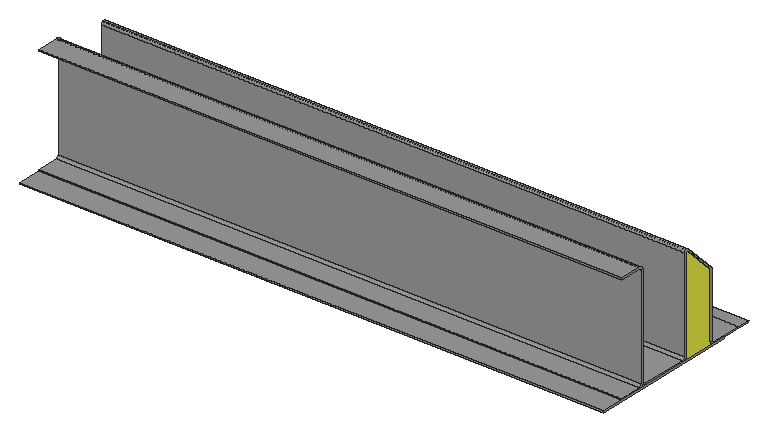
Revit family "SK 70 215 WIL", category Generic Models, Revit 2014
Parameters (values of type "Max lintel length 4000mm")
  URL = "http://www.keystonelintels.co.uk"
  Structural Opening [instance] = 900 mm
  Structural Performance = "The Keystone lintel range has safe working loads as detailed in each applicable loading table in the Keystone Lintel Guide brochure. The structural performance figures within each table have been ascertained by testing in accordance with the requirements of standards BS EN 5977-2: 1983 and BS EN 845-2: 2003."
  RIBA Productor Selector = "available for Keystone Lintels Ltd from Keystone Lintels Ltd from ribaproductselector.com"
  Model = "SK/70 215 WIL"
  Min Length = 600 mm
  Min Clear Span = 300 mm
  Max Length = 4000 mm
  Max Clear Span = 4000 mm
  Material - Stainless Steel = "Grade 304 2b 1.4307 to BS EN 10088-2. Other grades available on request: contact manufacturer."
  Material - Galvanised Steel = "To BS EN 10346: 2009. DX51D plus Z600 or grade Z275 to BS 5977-2: 1983 (BS EN 845-2: 2003)."
  Manufacturer = "Keystone"
  Manufactured Length [instance] = (roundup(Effective Length / 150 mm) * 150 mm)  # 1200 mm
  Lintel height [instance] = 2100 mm
  Keynote = "F30/755"
  Fire Performance = "Keystone lintels have been subjected to a fire test (WARRES No. 101263) in accordance with BS 476-20: 1987, at Exova Warrington Fire and achieved a one hour fire performance."
  End Bearing = 150 mm
  Effective Length [instance] = Clear Opening with MIN MAX set + End Bearing * 2  # 1200 mm
  Corrosion = "Keystone’s standard range of lintels are manufactured from high quality grade pre-galvanized carbon steel with a zinc coating of 600"
  Contact Tel = "+44 (0)28 8676 2184"
  Contact Email = "info@keystonelintels.co.uk"
  Clear Opening with MIN MAX set [instance] = if(Structural Opening < Min Clear Span, Min Clear Span, (if(Structural Opening > Max Clear Span, Max Clear Span, Structural Opening)))  # 900 mm
  CPD Information = "Available for Keystone Lintels Ltd from ribacpd.com"
Reference planes
  plane 1 "Center (Front/Back)": y = 0
  plane 2: z = 0
  plane 3 "Center (Left/Right)": x = 0
  plane 4: x = -600
  plane 5: x = 600
  plane 6: z = 2100
  plane 7: x = -450
  plane 8: x = 450
Forms (mm)
  Extrusion 1, solid, material "Steel"
    sketch origin (0, 658.068, -499.241) x (0, 1, 0) y (0, 0, 1)
      loop
        line (-530.585, 2598.388) -> (-530.486, 2601.286) -> (-555.486, 2602.141) -> (-620.486, 2602.141)
        arc (-620.486, 2602.141) -> (-624.022, 2603.606) -> (-625.486, 2607.141) r 5
        line (-625.486, 2607.141) -> (-625.486, 2739.873)
        arc (-625.486, 2739.873) -> (-625.857, 2741.742) -> (-626.913, 2743.329) r 4.9
        line (-626.913, 2743.329) -> (-685.113, 2801.816)
        arc (-685.113, 2801.816) -> (-690.456, 2802.889) -> (-693.486, 2798.36) r 4.9
        line (-693.486, 2798.36) -> (-693.486, 2607.141)
        arc (-693.486, 2607.141) -> (-694.951, 2603.606) -> (-698.486, 2602.141) r 5
        line (-698.486, 2602.141) -> (-793.486, 2602.141) -> (-793.486, 2599.241) -> (-698.486, 2599.241)
        arc (-698.486, 2599.241) -> (-692.9, 2601.555) -> (-690.586, 2607.141) r 7.9
        line (-690.586, 2607.141) -> (-690.586, 2798.36)
        arc (-690.586, 2798.36) -> (-689.349, 2800.208) -> (-687.168, 2799.77) r 2
        line (-687.168, 2799.77) -> (-628.968, 2741.283)
        arc (-628.968, 2741.283) -> (-628.537, 2740.636) -> (-628.386, 2739.873) r 2
        line (-628.386, 2739.873) -> (-628.386, 2607.141)
        arc (-628.386, 2607.141) -> (-626.072, 2601.555) -> (-620.486, 2599.241) r 7.9
        line (-620.486, 2599.241) -> (-555.536, 2599.241) -> (-530.585, 2598.388)
    from -600 to 600
  Extrusion 2, solid, material "Steel"
    sketch origin (0, 658.068, -499.241) x (0, 1, 0) y (0, 0, 1)
      loop
        line (-593.486, 2599.241) -> (-903.486, 2599.241) -> (-903.486, 2596.741) -> (-593.486, 2596.741) -> (-593.486, 2599.241)
    from -600 to 600
  Extrusion 3, solid, material "Steel"
    sketch origin (0, 658.568, -499.241) x (0, 1, 0) y (0, 0, 1)
      loop
        line (-856.986, 2823.741) -> (-856.986, 2821.241) -> (-810.986, 2821.241)
        arc (-810.986, 2821.241) -> (-807.451, 2819.777) -> (-805.986, 2816.241) r 5
        line (-805.986, 2816.241) -> (-805.986, 2606.741)
        arc (-805.986, 2606.741) -> (-807.451, 2603.206) -> (-810.986, 2601.741) r 5
        line (-810.986, 2601.741) -> (-856.986, 2601.741) -> (-856.986, 2599.241) -> (-810.986, 2599.241)
        arc (-810.986, 2599.241) -> (-805.683, 2601.438) -> (-803.486, 2606.741) r 7.5
        line (-803.486, 2606.741) -> (-803.486, 2816.241)
        arc (-803.486, 2816.241) -> (-805.683, 2821.544) -> (-810.986, 2823.741) r 7.5
        line (-810.986, 2823.741) -> (-856.986, 2823.741)
    from -600 to 600
  Extrusion 4, solid, material "Insulation"
    sketch origin (0, 658.068, -499.241) x (0, 1, 0) y (0, 0, 1)
      loop
        arc (-620.486, 2599.241) -> (-626.072, 2601.555) -> (-628.386, 2607.141) r 7.9
        line (-628.386, 2607.141) -> (-628.386, 2739.873)
        arc (-628.386, 2739.873) -> (-628.537, 2740.636) -> (-628.968, 2741.283) r 2
        line (-628.968, 2741.283) -> (-687.168, 2799.77)
        arc (-687.168, 2799.77) -> (-689.349, 2800.208) -> (-690.586, 2798.36) r 2
        line (-690.586, 2798.36) -> (-690.586, 2607.141)
        arc (-690.586, 2607.141) -> (-692.9, 2601.555) -> (-698.486, 2599.241) r 7.9
        line (-698.486, 2599.241) -> (-620.486, 2599.241)
    from -600 to 600
  Extrusion 5, solid, not visible
    sketch origin (0, 1024.102, 1278.096) x (0, 1, 0) y (0, 0, 1)
      loop
        line (-530.585, 998.388) -> (-530.486, 1001.286) -> (-555.486, 1002.141) -> (-620.486, 1002.141)
        arc (-620.486, 1002.141) -> (-624.022, 1003.606) -> (-625.486, 1007.141) r 5
        line (-625.486, 1007.141) -> (-625.486, 1139.873)
        arc (-625.486, 1139.873) -> (-625.857, 1141.742) -> (-626.913, 1143.329) r 4.9
        line (-626.913, 1143.329) -> (-685.113, 1201.816)
        arc (-685.113, 1201.816) -> (-690.456, 1202.889) -> (-693.486, 1198.36) r 4.9
        line (-693.486, 1198.36) -> (-693.486, 1007.141)
        arc (-693.486, 1007.141) -> (-694.951, 1003.606) -> (-698.486, 1002.141) r 5
        line (-698.486, 1002.141) -> (-793.486, 1002.141) -> (-793.486, 999.241) -> (-698.486, 999.241)
        arc (-698.486, 999.241) -> (-692.9, 1001.555) -> (-690.586, 1007.141) r 7.9
        line (-690.586, 1007.141) -> (-690.586, 1198.36)
        arc (-690.586, 1198.36) -> (-689.349, 1200.208) -> (-687.168, 1199.77) r 2
        line (-687.168, 1199.77) -> (-628.968, 1141.283)
        arc (-628.968, 1141.283) -> (-628.537, 1140.636) -> (-628.386, 1139.873) r 2
        line (-628.386, 1139.873) -> (-628.386, 1007.141)
        arc (-628.386, 1007.141) -> (-626.072, 1001.555) -> (-620.486, 999.241) r 7.9
        line (-620.486, 999.241) -> (-555.536, 999.241) -> (-530.585, 998.388)
    from 0 to 250
  Extrusion 6, solid, not visible
    sketch origin (0, 642.617, 1279.062) x (0, 1, 0) y (0, 0, 1)
      loop
        line (-856.986, 1223.741) -> (-856.986, 1221.241) -> (-810.986, 1221.241)
        arc (-810.986, 1221.241) -> (-807.451, 1219.777) -> (-805.986, 1216.241) r 5
        line (-805.986, 1216.241) -> (-805.986, 1006.741)
        arc (-805.986, 1006.741) -> (-807.451, 1003.206) -> (-810.986, 1001.741) r 5
        line (-810.986, 1001.741) -> (-856.986, 1001.741) -> (-856.986, 999.241) -> (-810.986, 999.241)
        arc (-810.986, 999.241) -> (-805.683, 1001.438) -> (-803.486, 1006.741) r 7.5
        line (-803.486, 1006.741) -> (-803.486, 1216.241)
        arc (-803.486, 1216.241) -> (-805.683, 1221.544) -> (-810.986, 1223.741) r 7.5
        line (-810.986, 1223.741) -> (-856.986, 1223.741)
    from 0 to 250
  Extrusion 7, solid, not visible
    sketch origin (0, 1094.637, 1019.318) x (0, 1, 0) y (0, 0, 1)
      loop
        line (-593.486, 999.241) -> (-903.486, 999.241) -> (-903.486, 996.741) -> (-593.486, 996.741) -> (-593.486, 999.241)
    from 0 to 250
  Extrusion 8, solid, not visible
    sketch origin (0, 455.535, 711.405) x (0, 1, 0) y (0, 0, 1)
      loop
        arc (-620.486, 999.241) -> (-626.072, 1001.555) -> (-628.386, 1007.141) r 7.9
        line (-628.386, 1007.141) -> (-628.386, 1139.873)
        arc (-628.386, 1139.873) -> (-628.537, 1140.636) -> (-628.968, 1141.283) r 2
        line (-628.968, 1141.283) -> (-687.168, 1199.77)
        arc (-687.168, 1199.77) -> (-689.349, 1200.208) -> (-690.586, 1198.36) r 2
        line (-690.586, 1198.36) -> (-690.586, 1007.141)
        arc (-690.586, 1007.141) -> (-692.9, 1001.555) -> (-698.486, 999.241) r 7.9
        line (-698.486, 999.241) -> (-620.486, 999.241)
    from 0 to 250
Dimensions and locks
  equal spacing: plane 4, plane 3 "Center (Left/Right)", plane 5
  "Manufactured Length": plane 4 to plane 5
  "Lintel height": plane 6 to level
  "Structural Opening": plane 7 to plane 8
  equal spacing: plane 7, plane 3 "Center (Left/Right)", plane 8
  aligned and locked: level to plane 2
  aligned and locked: Extrusion 1 to plane 6  (x2)
  aligned and locked: Extrusion 4 to plane 6
  aligned and locked: plane 6 to Extrusion 2  (x2)
  aligned and locked: Extrusion 3 to plane 6
  aligned and locked: plane 5 to Extrusion 2
  aligned and locked: Extrusion 2 to plane 4
  aligned and locked: plane 5 to Extrusion 3
  aligned and locked: Extrusion 3 to plane 4
  aligned and locked: plane 5 to Extrusion 1
  aligned and locked: Extrusion 1 to plane 4
  aligned and locked: plane 5 to Extrusion 4
  aligned and locked: Extrusion 4 to plane 4
Automatic sketch dimensions
  Extrusion 1 sketch curve to Extrusion 1 sketch curve = 24.95 mm
  Extrusion 1 sketch curve to Extrusion 1 sketch curve = 0.099 mm
  Extrusion 1 sketch curve to Extrusion 1 sketch curve = 0.853 mm
  Extrusion 1 sketch curve to Extrusion 1 sketch curve = 0.05 mm
  Extrusion 1 sketch curve to Extrusion 1 sketch curve = 65 mm
  Extrusion 1 sketch curve to Extrusion 1 sketch curve = 5 mm  (x2)
  Extrusion 1 sketch curve to Extrusion 1 sketch curve = 0 mm  (x17)
  Extrusion 1 sketch curve to Extrusion 1 sketch curve = 132.731 mm
  Extrusion 1 sketch curve to Extrusion 1 sketch curve = 2 mm
  Extrusion 1 sketch curve to Extrusion 1 sketch curve = 0.582 mm
  Extrusion 1 sketch curve to Extrusion 1 sketch curve = 2.056 mm  (x2)
  Extrusion 1 sketch curve to Extrusion 1 sketch curve = 58.2 mm
  Extrusion 1 sketch curve to Extrusion 1 sketch curve = 58.487 mm
  Extrusion 1 sketch curve to Extrusion 1 sketch curve = 2.046 mm
  Extrusion 1 sketch curve to Extrusion 1 sketch curve = 1.418 mm
  Extrusion 1 sketch curve to Extrusion 1 sketch curve = 1.411 mm
  Extrusion 1 sketch curve to Extrusion 1 sketch curve = 95 mm
  Extrusion 2 sketch curve to Extrusion 2 sketch curve = 310 mm
  Extrusion 2 sketch curve to Extrusion 2 sketch curve = 2.5 mm
  Extrusion 3 sketch curve to Extrusion 3 sketch curve = 46 mm  (x2)
  Extrusion 3 sketch curve to Extrusion 3 sketch curve = 2.5 mm
  Extrusion 3 sketch curve to Extrusion 3 sketch curve = 0 mm  (x8)
  Extrusion 3 sketch curve to Extrusion 3 sketch curve = 5 mm  (x2)
  Extrusion 3 sketch curve to Extrusion 3 sketch curve = 209.5 mm
  Extrusion 4 sketch curve to Extrusion 4 sketch curve = 7.9 mm  (x2)
  Extrusion 4 sketch curve to Extrusion 4 sketch curve = 62.2 mm
  Extrusion 4 sketch curve to Extrusion 4 sketch curve = 132.731 mm
  Extrusion 4 sketch curve to Extrusion 4 sketch curve = 58.487 mm
  Extrusion 4 sketch curve to Extrusion 4 sketch curve = 2 mm
  Extrusion 4 sketch curve to Extrusion 4 sketch curve = 0.582 mm
  Extrusion 4 sketch curve to Extrusion 4 sketch curve = 3.418 mm
  Extrusion 4 sketch curve to Extrusion 4 sketch curve = 1.411 mm
  Extrusion 5 sketch curve to Extrusion 5 sketch curve = 24.95 mm
  Extrusion 5 sketch curve to Extrusion 5 sketch curve = 0.099 mm
  Extrusion 5 sketch curve to Extrusion 5 sketch curve = 0.853 mm
  Extrusion 5 sketch curve to Extrusion 5 sketch curve = 0.05 mm
  Extrusion 5 sketch curve to Extrusion 5 sketch curve = 65 mm
  Extrusion 5 sketch curve to Extrusion 5 sketch curve = 0 mm  (x17)
  Extrusion 5 sketch curve to Extrusion 5 sketch curve = 5 mm  (x2)
  Extrusion 5 sketch curve to Extrusion 5 sketch curve = 132.731 mm
  Extrusion 5 sketch curve to Extrusion 5 sketch curve = 2 mm
  Extrusion 5 sketch curve to Extrusion 5 sketch curve = 0.582 mm
  Extrusion 5 sketch curve to Extrusion 5 sketch curve = 2.056 mm  (x2)
  Extrusion 5 sketch curve to Extrusion 5 sketch curve = 58.2 mm
  Extrusion 5 sketch curve to Extrusion 5 sketch curve = 58.487 mm
  Extrusion 5 sketch curve to Extrusion 5 sketch curve = 2.046 mm
  Extrusion 5 sketch curve to Extrusion 5 sketch curve = 1.418 mm
  Extrusion 5 sketch curve to Extrusion 5 sketch curve = 1.411 mm
  Extrusion 5 sketch curve to Extrusion 5 sketch curve = 95 mm
  Extrusion 6 sketch curve to Extrusion 6 sketch curve = 46 mm  (x2)
  Extrusion 6 sketch curve to Extrusion 6 sketch curve = 2.5 mm
  Extrusion 6 sketch curve to Extrusion 6 sketch curve = 0 mm  (x8)
  Extrusion 6 sketch curve to Extrusion 6 sketch curve = 5 mm  (x2)
  Extrusion 6 sketch curve to Extrusion 6 sketch curve = 209.5 mm
  Extrusion 7 sketch curve to Extrusion 7 sketch curve = 310 mm
  Extrusion 7 sketch curve to Extrusion 7 sketch curve = 2.5 mm
  Extrusion 8 sketch curve to Extrusion 8 sketch curve = 7.9 mm  (x2)
  Extrusion 8 sketch curve to Extrusion 8 sketch curve = 62.2 mm
  Extrusion 8 sketch curve to Extrusion 8 sketch curve = 132.731 mm
  Extrusion 8 sketch curve to Extrusion 8 sketch curve = 58.487 mm
  Extrusion 8 sketch curve to Extrusion 8 sketch curve = 2 mm
  Extrusion 8 sketch curve to Extrusion 8 sketch curve = 0.582 mm
  Extrusion 8 sketch curve to Extrusion 8 sketch curve = 3.418 mm
  Extrusion 8 sketch curve to Extrusion 8 sketch curve = 1.411 mm
  Extrusion 4 sketch curve to plane 6 = 0 mm
  plane 1 "Center (Front/Back)" to Extrusion 4 sketch curve = 40.418 mm
  Extrusion 3 sketch curve to plane 6 = 0 mm
  plane 1 "Center (Front/Back)" to Extrusion 3 sketch curve = 198.418 mm
  Extrusion 1 sketch curve to plane 6 = 0 mm
  plane 1 "Center (Front/Back)" to Extrusion 1 sketch curve = 135.418 mm
  Extrusion 2 sketch curve to plane 6 = 0 mm
  plane 1 "Center (Front/Back)" to Extrusion 2 sketch curve = 245.418 mm
